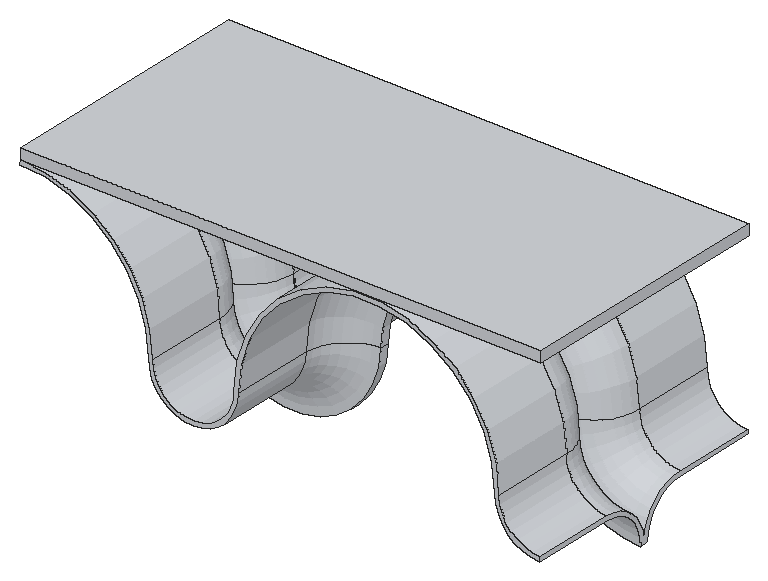
Revit family "Coffee table2", category Furniture, Revit 2025
Family settings
  OmniClass Number = 23.40.20.00
  OmniClass Title = General Furniture and Specialties
  Work Plane-Based = No
  Enable Cutting in Views = No
  Always vertical = Yes
  Cut with Voids When Loaded = No
  Render Appearance Source = Family Geometry
  Shared = No
  Room Calculation Point = No
Parameters
  m3 [instance] = none
  m2 [instance] = none
  m [instance] = none
  Default Elevation = 0.00 m
Reference planes (m)
  plane 1 "Center (Front/Back)": y = 0
  plane 2: z = 0
  plane 3 "Center (Left/Right)": x = 0
Forms (m)
  Extrusion 1, solid, material <- "m"
    sketch origin (0, 0, 0.02609) x (1, 0, 0) y (0, 0, 1)
      loop
        line (0.56, 0.504938) -> (-0.64, 0.504938) -> (-0.64, 0.479938) -> (0.56, 0.479938) -> (0.56, 0.504938)
    from -0.3 to 0.3
  Sweep 2, solid, material <- "m2"
    path origin (-0.19, -0.001586, 0.000062) x (1, 0, 0) y (0, 0, 1)
      loop
        arc (0.75, -0.000062) -> (0.608579, 0.058516) -> (0.55, 0.199938) r 0.2
        arc (0.55, 0.199938) -> (0.35, 0.399938) -> (0.15, 0.199938) r 0.2
        arc (0.15, 0.199938) -> (-0.05, -0.000062) -> (-0.25, 0.199938) r 0.2
        arc (-0.25, 0.199938) -> (-0.308579, 0.341359) -> (-0.45, 0.399938) r 0.2
    profile origin (-0.24, -0.001586, 0) x (0, 0, -1) y (0, -1, 0)
      loop
        arc (-0.106066, 0.106066) -> (-0.078456, 0.034689) -> (-0.01, 0.000472) r 0.106066
        line (-0.01, 0.000472) -> (-0.01, -0.000472)
        arc (-0.01, -0.000472) -> (-0.078456, -0.034689) -> (-0.106066, -0.106066) r 0.106066
        line (-0.106066, -0.106066) -> (-0.106066, -0.3) -> (-0.096066, -0.3) -> (-0.096066, -0.106066)
        arc (-0.096066, -0.106066) -> (-0.067929, -0.038137) -> (0, -0.01) r 0.096066
        line (0, -0.01) -> (0, 0.01)
        arc (0, 0.01) -> (-0.067929, 0.038137) -> (-0.096066, 0.106066) r 0.096066
        line (-0.096066, 0.106066) -> (-0.096066, 0.3) -> (-0.106066, 0.3) -> (-0.106066, 0.106066)
Lines and regions (m)
  reference lines
    curve 1: line (-0.64, 0.3, 0) -> (0.64, 0.3, 0)
    curve 2: line (-0.64, -0.3, 0) -> (-0.64, 0.3, 0)
    curve 3: line (0.64, -0.3, 0) -> (-0.64, -0.3, 0)
    curve 4: line (0.64, 0.3, 0) -> (0.64, -0.3, 0)
  symbolic lines
    curve 5: line (-0.59, 0, 0.088758) -> (0.61, 0, 0.088758)
    curve 6: line (0.61, 0, 0.419767) -> (0.61, 0, 0.088758)
Dimensions and locks (m)
  equal spacing: curve 2, plane 3 "Center (Left/Right)", curve 4
  equal spacing: curve 3, plane 1 "Center (Front/Back)", curve 1
  curve 2 to curve 4 = 1.28 m
  curve 3 to curve 1 = 0.60 m
  aligned and locked: level to plane 2
